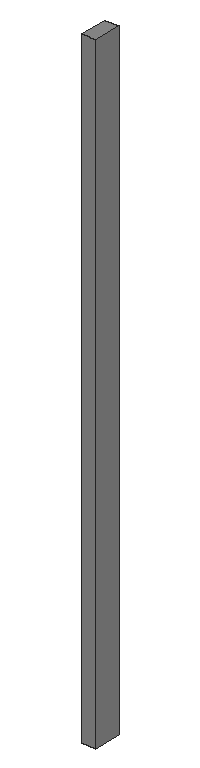
Revit family "Haworth_Pergola_Panel_Post NEW", category Furniture Systems, Revit 2018
Family settings
  Round Connector Dimension = Use Diameter
  Part Type = Normal
  OmniClass Number = 23.40.70.14.64.21
  OmniClass Title = Systems Furniture
  Work Plane-Based = No
  Always vertical = Yes
  Cut with Voids When Loaded = No
  Shared = No
  Room Calculation Point = No
Parameters (values of type "Underbeam EOR")
  Warranty = "http://www.haworth.com/resources/product-info/warranties"
  Underbeam Height = 91 103/128"  # constant formula
  Underbeam = not(or([2Way Post], [3Way Post], [4Way Post]))  # yes
  URL - Product = "https://www.haworth.com/na/en/inspiration/pergola.html"
  URL = "http://www.haworth.com"
  Trim Finish = Haworth _ Paint _ Undecided _ Pergola
  Top Trim Width = 1/2"  # constant formula
  Sustainability Info = "http://www.haworth.com/company-info/sustainablility"
  Standard Post = or([2Way Post], [3Way Post], [4Way Post])  # no
  Post Finish = Haworth _ Paint _ Undecided _ Pergola
  Model = "Haworth Pergola"  # constant formula
  Glide Finish = Haworth _ Polymer _ Black
  Description = "Haworth - Pergola Panel - Post"  # constant formula
  Base Height = 1/2"  # constant formula
  Actual Depth = 4"  # constant formula
  4Way Post = no
  4-Way Void Dim. = if([4Way Post], Actual Height - 1/2", Base Height)  # 1/2"
  3Way Post = no
  3-Way Void Dim. = if([2Way Post], Base Height, Actual Height - 1/2")  # 95 1/2"
  2Way Post = no
  2-Way Void Dim. = Actual Height - 1/2"  # 95 1/2"
  Size = "Verify Final Dim. w/ Haworth"  # constant formula
  Revision Number = "1"  # constant formula
  Min. Width = 3"  # constant formula
  Max. Width = 3"  # constant formula
  Min. Height = 96"  # constant formula
  Max. Height = 96"  # constant formula
  Manufacturer = "Haworth"  # constant formula
  Author = "Haworth (Alias)"  # constant formula
  Assembly Code = "E2020200"
  Actual Width = 4"  # constant formula
  Actual Height = 96"  # constant formula
Types (4): name | Underbeam | Standard Post | 4Way Post | 4-Way Void Dim. | 3Way Post | 3-Way Void Dim. | 2Way Post
  2-Way Connector | no | yes | no | 1/2" | no | 1/2" | yes
  3-Way Connector | no | yes | no | 1/2" | yes | 95 1/2" | no
  4-Way Connector | no | yes | yes | 95 1/2" | no | 95 1/2" | no
  Underbeam EOR | yes | no | no | 1/2" | no | 95 1/2" | no
Reference planes (in)
  plane 1 "Center F/B": y = 0
  plane 2 "Bottom": z = 0
  plane 3 "Center L/R": x = 1.5
  plane 4 "Back": y = 2
  plane 5 "Front": y = -2
  plane 6 "Right": x = 3.5
  plane 7 "Top": z = 96
  plane 8 "Post Top": z = 95.5
  plane 9: x = -0.5
  plane 10 "Glide Top": z = 0.5
  plane 11 "2-Way Void": z = 95.5
  plane 12 "3-Way Void": z = 95.5
  plane 13 "4-Way Void": z = 0.5
  plane 14 "Underbeam Height": z = 91.80469
Forms (in)
  Extrusion 1, solid, material "Haworth _ Paint _ Undecided _ Pergola" <- "Trim Finish", visible <- "Standard Post"
    sketch origin (-1.5, 0, 0) x (1, 0, 0) y (0, 1, 0)
      loop
        line (1, 2) -> (1, -2) -> (5, -2) -> (5, 2) -> (1, 2)
    from 0.5 to 95.5
  Extrusion 2, solid, material "Haworth _ Paint _ Undecided _ Pergola" <- "Trim Finish", visible <- "Standard Post"
    sketch origin (4.39832, -2, -5.21744) x (-1, 0, 0) y (0, 0, 1)
      loop
        line (4.89832, 101.21744) -> (0.89832, 101.21744) -> (0.89832, 100.71744) -> (4.89832, 100.71744) -> (4.89832, 101.21744)
    from 0 to 4
  Extrusion 3, solid, material "Haworth _ Polymer _ Black" <- "Glide Finish", visible <- "Standard Post"
    sketch origin (0, 0, 0) x (1, 0, 0) y (0, 1, 0)
      loop
        circle (1.5, 0) r 0.75
    from 0 to 0.5
  Extrusion 4, solid, material "Haworth _ Paint _ Undecided _ Pergola" <- "Post Finish", visible <- "Underbeam"
    sketch origin (-1.5, 0, 0) x (1, 0, 0) y (0, 1, 0)
      loop
        line (1, 2) -> (1, -2) -> (3, -2) -> (3, 2) -> (1, 2)
    from 0.5 to 91.80469
  Extrusion 5, solid, material "Haworth _ Polymer _ Black" <- "Glide Finish", visible <- "Underbeam"
    sketch origin (0, 0, 0) x (1, 0, 0) y (0, 1, 0)
      loop
        circle (0.5, 0) r 0.375
    from 0 to 0.5
Cuts and joins
  joined: Extrusion 1, Extrusion 2
Lines and regions (in)
  Masking region 1, visible <- "4Way Post"
    outline origin (0, 0, 0) x (1, 0, 0) y (0, 1, 0)
      loop
        line (-0.5, -2) -> (3.5, -2) -> (3.5, 2) -> (-0.5, 2) -> (-0.5, -2)
  Masking region 2, visible <- "3Way Post"
    outline origin (0, 0, 0) x (1, 0, 0) y (0, 1, 0)
      loop
        line (3.5, -2) -> (3.5, 2) -> (-0.5, 2) -> (-0.5, -2) -> (3.5, -2)
  Masking region 3, visible <- "2Way Post"
    outline origin (0, 0, 0) x (1, 0, 0) y (0, 1, 0)
      loop
        line (-0.5, 2) -> (-0.5, -0.6378) -> (-0.5, -2) -> (3.5, -2) -> (3.5, 2) -> (2.1378, 2) -> (-0.5, 2)
  Masking region 4, visible <- "Underbeam"
    outline origin (0, 0, 0) x (1, 0, 0) y (0, 1, 0)
      loop
        line (-0.5, 2) -> (-0.5, -2) -> (1.5, -2) -> (1.5, 2) -> (-0.5, 2)
Dimensions and locks (in)
  equal spacing: plane 4 "Back", plane 1 "Center F/B", plane 5 "Front"
  "Actual Depth": plane 4 "Back" to plane 5 "Front"
  "Actual Height": plane 7 "Top" to level
  "Top Trim Width": plane 7 "Top" to plane 8 "Post Top"
  equal spacing: plane 9, plane 3 "Center L/R", plane 6 "Right"
  "Actual Width": plane 9 to plane 6 "Right"
  "Base Height": plane 10 "Glide Top" to level
  "4-Way Void Dim.": plane 13 "4-Way Void" to plane 2 "Bottom"
  "3-Way Void Dim.": plane 12 "3-Way Void" to plane 2 "Bottom"
  "2-Way Void Dim.": plane 11 "2-Way Void" to plane 2 "Bottom"
  locked: Extrusion 5 sketch curve to plane 3 "Center L/R" at 1
  "Underbeam Height": plane 14 "Underbeam Height" to plane 2 "Bottom"
  aligned and locked: Extrusion 1 sketch curve to plane 4 "Back"
  aligned and locked: plane 5 "Front" to Extrusion 1 sketch curve
  aligned: Extrusion 1 sketch curve to plane 6 "Right"
  aligned: plane 7 "Top" to Extrusion 1  (x4)
  aligned and locked: plane 8 "Post Top" to Extrusion 1
  aligned and locked: plane 8 "Post Top" to Extrusion 2 sketch curve
  aligned and locked: plane 6 "Right" to Extrusion 2
  aligned and locked: plane 6 "Right" to Extrusion 1
  aligned and locked: plane 9 to Extrusion 2
  aligned and locked: Extrusion 1 sketch curve to plane 9
  aligned and locked: Extrusion 2 sketch curve to plane 7 "Top"
  aligned: Extrusion 1 to plane 2 "Bottom"
  aligned and locked: level to plane 2 "Bottom"
  aligned and locked: Extrusion 1 to plane 10 "Glide Top"
  aligned and locked: plane 4 "Back" to Extrusion 2
  aligned and locked: Extrusion 2 to Extrusion 1
  aligned and locked: Extrusion 2 to plane 5 "Front"
  aligned and locked: plane 3 "Center L/R" to Extrusion 3 sketch curve
  aligned and locked: plane 1 "Center F/B" to Extrusion 3 sketch curve
  aligned and locked: plane 10 "Glide Top" to Extrusion 3
  aligned and locked: Extrusion 3 to plane 2 "Bottom"
  aligned and locked: Extrusion 4 sketch curve to plane 9
  aligned and locked: plane 5 "Front" to Extrusion 4 sketch curve
  aligned and locked: Extrusion 4 sketch curve to plane 4 "Back"
  aligned and locked: Extrusion 4 sketch curve to plane 3 "Center L/R"
  aligned and locked: Extrusion 4 to plane 10 "Glide Top"
  aligned and locked: plane 1 "Center F/B" to Extrusion 5 sketch curve
  aligned and locked: plane 10 "Glide Top" to Extrusion 5
  aligned and locked: Extrusion 5 to plane 2 "Bottom"
  aligned and locked: Masking region 4 sketch curve to plane 3 "Center L/R"
  aligned and locked: plane 14 "Underbeam Height" to Extrusion 4
Automatic sketch dimensions
  plane 6 "Right" to Extrusion 2 sketch curve = 0"
  plane 9 to Extrusion 2 sketch curve = 0"
  Masking region 3 sketch curve to plane 4 "Back" = 0"
  Masking region 3 sketch curve to plane 9 = 0"
  Masking region 3 sketch curve to plane 5 "Front" = 0"
  Masking region 3 sketch curve to plane 6 "Right" = 0"
  plane 1 "Center F/B" to Masking region 3 sketch curve = 0.6378"
  plane 3 "Center L/R" to Masking region 3 sketch curve = 0.6378"
  Masking region 2 sketch curve to plane 5 "Front" = 0"
  Masking region 2 sketch curve to plane 9 = 0"
  Masking region 2 sketch curve to plane 6 "Right" = 0"
  Masking region 2 sketch curve to plane 4 "Back" = 0"
  Masking region 1 sketch curve to plane 4 "Back" = 0"
  Masking region 1 sketch curve to plane 9 = 0"
  Masking region 1 sketch curve to plane 6 "Right" = 0"
  Masking region 1 sketch curve to plane 5 "Front" = 0"
  Masking region 4 sketch curve to plane 4 "Back" = 0"
  Masking region 4 sketch curve to plane 9 = 0"
  Masking region 4 sketch curve to plane 5 "Front" = 0"
  radius of Extrusion 3 sketch curve = 3/4"
  radius of Extrusion 5 sketch curve = 3/8"
